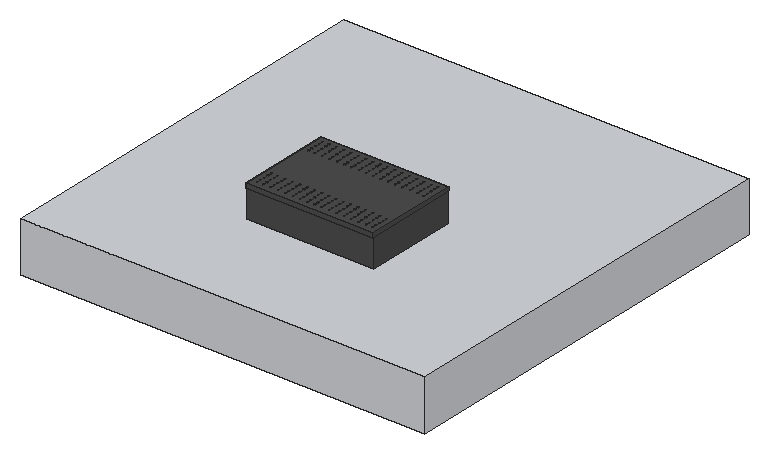
Revit family "BB-100.BIM", category Fire Alarm Devices, host Face, Revit 2020 (continued)
Dimensions and locks (in)
  "Width": cut or joined group 1 (Extrusion 4, Extrusion 5, Extrusion 6, Extrusion 7, Extrusion 8, Extrusion 9, Extrusion 10, Extrusion 11, Extrusion 12, Extrusion 13, Extrusion 14, Extrusion 15, Extrusion 16, Extrusion 17, Extrusion 18, Extrusion 19, Extrusion 20, Extrusion 21, Extrusion 22, Extrusion 23, Extrusion 24, Extrusion 25, Extrusion 26, Extrusion 27, Extrusion 28, Extrusion 29, Extrusion 30, Extrusion 31, Extrusion 32, Extrusion 33, Extrusion 34, Extrusion 35, Extrusion 36, Extrusion 37, Extrusion 38, Extrusion 39, Extrusion 40, Extrusion 41, Extrusion 42, Extrusion 43, Extrusion 44, Extrusion 45, Extrusion 46, Extrusion 47, Extrusion 48, Extrusion 49, Extrusion 50, Extrusion 51, Extrusion 52, Extrusion 53, Extrusion 54, Extrusion 55, Extrusion 56, Extrusion 57, Extrusion 58, Extrusion 59, Extrusion 60, Extrusion 61, Extrusion 62, Extrusion 63, Extrusion 64, Extrusion 65, Extrusion 66, Extrusion 67, Extrusion 68, Extrusion 69, Extrusion 70, Extrusion 71, Extrusion 72, Extrusion 73, Extrusion 74, Extrusion 75, Extrusion 76, Extrusion 77, Extrusion 78, Extrusion 79, Extrusion 80, Extrusion 81, Extrusion 82, Extrusion 83, Extrusion 84, Extrusion 85, Extrusion 86, Extrusion 87, Extrusion 88, Extrusion 89, Extrusion 90, Extrusion 91, Extrusion 92, Extrusion 93, Extrusion 94, Extrusion 95, Extrusion 96, Extrusion 97, Extrusion 98, Extrusion 99, Extrusion 100, Extrusion 101, Extrusion 102, Extrusion 103, Extrusion 104, Extrusion 105, Extrusion 106, Extrusion 107, Extrusion 108, Extrusion 109, Extrusion 110, Extrusion 111, Extrusion 112, Extrusion 113, Extrusion 114, Extrusion 115, Extrusion 116, Extrusion 117, Extrusion 118, Extrusion 119, Extrusion 120, Extrusion 121, Extrusion 122, Extrusion 123, Extrusion 124, Extrusion 125, Extrusion 126, Extrusion 127, Extrusion 128, Extrusion 129, Extrusion 130, Extrusion 131, Extrusion 132, Extrusion 133, Extrusion 134, Extrusion 135, Extrusion 136, Extrusion 137, Extrusion 138, Extrusion 139, Extrusion 140, Extrusion 141, Extrusion 142, Extrusion 143, Extrusion 144, Extrusion 145, Extrusion 146, Extrusion 147, Extrusion 148, Extrusion 149, Extrusion 150, Extrusion 151, Extrusion 152, Extrusion 153, Extrusion 154, Extrusion 155, Extrusion 156, Extrusion 157, Extrusion 158, Extrusion 159, Extrusion 160, Extrusion 161, Extrusion 162, Extrusion 163, Extrusion 164, Extrusion 165, Extrusion 166, Extrusion 167, Extrusion 168, Extrusion 169, Extrusion 170, Extrusion 171, Extrusion 172, Extrusion 173, Extrusion 174, Extrusion 175) to cut or joined group 1
  aligned and locked: plane 2 to Extrusion 1
  aligned and locked: level to Extrusion 1
Connectors (in)
  electrical at (0, 0, 0), driven by "Electrical Connector 1"
    settings: index 1, voltage 0 V, apparent load 0 VA, apparent load phase1 0 VA, apparent load phase2 0 VA, apparent load phase3 0 VA, power factor 1, load classification "Other", number of poles 1, system type 11, power factor state 1, is connector primary yes, connector utility no, sub classification motor no, connector description "Power Only"
  cabletrayconduit at (15, -11, 2.52347), diameter 24
    settings: on cut or joined group of Extrusion 2, Extrusion 3, index 2, connector width 1' - 0", connector height 1' - 0", connector angle 0.00°, system type 32, placement type 1, profile type 0, connector reference index -1, is primary connector yes, connector utility param no, connector description ""
  cabletrayconduit at (0, 0, 2.52347), diameter 24
    settings: on cut or joined group of Extrusion 2, Extrusion 3, index 3, connector width 1' - 0", connector height 1' - 0", connector angle 0.00°, system type 32, placement type 1, profile type 0, connector reference index -1, is primary connector no, connector utility param no, connector description ""
  cabletrayconduit at (-15, -11, 2.52347), diameter 24
    settings: on cut or joined group of Extrusion 2, Extrusion 3, index 4, connector width 1' - 0", connector height 1' - 0", connector angle 0.00°, system type 32, placement type 1, profile type 0, connector reference index -1, is primary connector no, connector utility param no, connector description ""
  cabletrayconduit at (0, -22, 2.52347), diameter 24
    settings: on cut or joined group of Extrusion 2, Extrusion 3, index 5, connector width 1' - 0", connector height 1' - 0", connector angle 0.00°, system type 32, placement type 1, profile type 0, connector reference index -1, is primary connector no, connector utility param no, connector description ""
Types (2): name | Model | Cabinet Finish | Description
  BB Series 100 Black | "BB-100" | Metal_Notifier_Cabinet-Black | "Battery Box-Black"
  BB Series 100 Red | "BB-100R" | Plastic_Notifier_Cabinet-Red | "Battery Box-Red"
